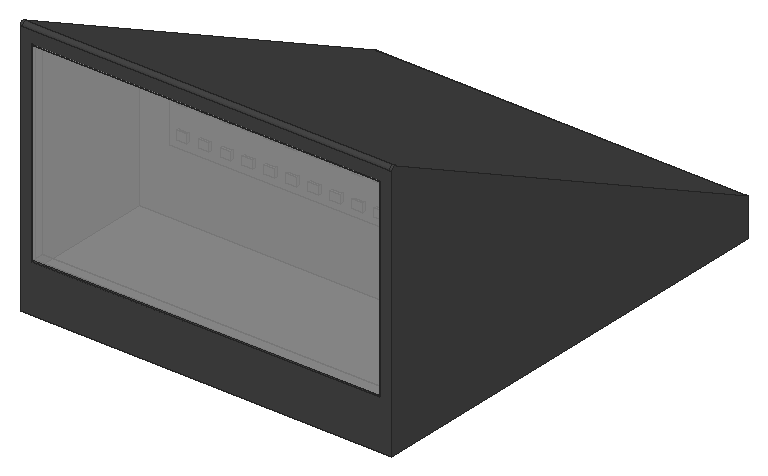
Revit family "AFX_Inc-Watson-Wall_Sconce", category Lighting Fixtures, host Face, Revit 2016
Family settings
  Host = Face
  Part Type = Normal
  Round Connector Dimension = Use Diameter
  Cut with Voids When Loaded = No
  Light Source = Yes
  Shared = No
  Room Calculation Point = No
Parameters (values of type "WTNW0506L30D2BK")
  Width = 5"
  Wattage Comments = "12W"
  Wattage = 9.2903 W
  built-in parameter 1150110 = 1 (stored number, unit not read)
  Voltage = 120 V
  URL = "www.afxinc.com"
  Type Comments = "Watson"  # constant formula
  built-in parameter 1114217 = 1 (stored number, unit not read)
  Tilt Angle = 90.00°
  built-in parameter 1150109 = 1 (stored number, unit not read)
  built-in parameter 1150134 = (empty or 0)
  built-in parameter 1150113 = 1 (stored number, unit not read)
  Support Finish = AFX - Metal Powder Coated Black
  Screen Finish = AFX - Diffuser Frosted
  Photometric Web File = "WTNW0506L30D2xx_IES.IES"
  Model = "WTNW0506L30D2BK"
  Manufacturer = "AFX Inc"  # constant formula
  built-in parameter 1150105 = 851.03 (stored number, unit not read)
  Lumens = 1380 lm
  built-in parameter 1150115 = 1 (stored number, unit not read)
  built-in parameter 1150137 = (empty or 0)
  built-in parameter 1150139 = (empty or 0)
  Length = 3.51434"
  built-in parameter 1150112 = 1 (stored number, unit not read)
  built-in parameter 1150114 = 1 (stored number, unit not read)
  Keynote = "12500"
  built-in parameter 1150132 = (empty or 0)
  built-in parameter 1150102 = (empty or 0)
  built-in parameter 1150107 = 3000 (stored number, unit not read)
  built-in parameter 1150138 = (empty or 0)
  built-in parameter 1150106 = 8.5103 (stored number, unit not read)
  Height = 5.98425"
  Emit from Rectangle Width = 2 19/32"
  Emit from Rectangle Length = 4 21/32"
  Emit Shape Visible in Rendering = no
  built-in parameter 1150104 = 13.8 (stored number, unit not read)
  Dimming Lamp Color Temperature Shift = <None>
  Description = "6'' LED Outdoor Wall Sconce Black"
  Default Elevation = 48"
  Color Filter = 16777215
  CRI = "90"
  Body Finish = AFX - Metal Powder Coated Black
  built-in parameter 1114218 = 1 (stored number, unit not read)
  built-in parameter 1150133 = 10 (stored number, unit not read)
  Assembly Code = "E1020300"
Types (3): name | Support Finish | Body Finish
  (no name) | AFX - Metal Powder Coated Black | AFX - Metal Powder Coated Black
  WTNW0506L30D2BK | AFX - Metal Powder Coated Black | AFX - Metal Powder Coated Black
  WTNW0506L30D2WH | AFX - Metal Powder Coated White | AFX - Metal Powder Coated White
Reference planes (in)
  plane 1 "Center (Front/Back)": y = 0
  plane 2: z = 0
  plane 3 "Center (Left/Right)": x = 0
  plane 4: y = 2.99213
  plane 5: y = -2.99213
  plane 6: x = -2.5
  plane 7: x = 2.5
  plane 8: x = -2.34252
  plane 9: x = 2.34252
  plane 10: z = 3.51434
Forms (in)
  Extrusion 1, solid, material "AFX - Metal Powder Coated Black" <- "Body Finish"
    sketch origin (0, 0, 0) x (0, 1, 0) y (0, 0, 1)
      loop
        line (2.99213, 0.03937) -> (2.99213, 0.52221)
        arc (2.99213, 0.52221) -> (2.98513, 0.54685) -> (2.96621, 0.56414) r 0.04688
        line (2.96621, 0.56414) -> (-2.92429, 3.50939)
        arc (-2.92429, 3.50939) -> (-2.96989, 3.50734) -> (-2.99213, 3.46746) r 0.04688
        line (-2.99213, 3.46746) -> (-2.99213, 0.03937) -> (-2.95276, 0.03937) -> (-2.95276, 3.4796) -> (2.95276, 0.52685) -> (2.95276, 0.03937) -> (2.99213, 0.03937)
    from -2.46875 to 2.46875
  Extrusion 2, solid, material "AFX - Metal Powder Coated Black" <- "Body Finish"
    sketch origin (-2.3282, 0, 0) x (0, 1, 0) y (0, 0, 1)
      loop
        line (2.96621, 0.56414) -> (-2.92429, 3.50939)
        arc (-2.92429, 3.50939) -> (-2.96989, 3.50734) -> (-2.99213, 3.46746) r 0.04688
        line (-2.99213, 3.46746) -> (-2.99213, 0.03937) -> (2.99213, 0.03937) -> (2.99213, 0.52221)
        arc (2.99213, 0.52221) -> (2.98513, 0.54685) -> (2.96621, 0.56414) r 0.04688
    from 4.79695 to 4.8282
  Extrusion 3, solid, material "AFX - Metal Powder Coated Black" <- "Body Finish"
    sketch origin (-7.29695, 0, 0) x (0, 1, 0) y (0, 0, 1)
      loop
        line (2.96621, 0.56414) -> (-2.92429, 3.50939)
        arc (-2.92429, 3.50939) -> (-2.96989, 3.50734) -> (-2.99213, 3.46746) r 0.04688
        line (-2.99213, 3.46746) -> (-2.99213, 0.03937) -> (2.99213, 0.03937) -> (2.99213, 0.52221)
        arc (2.99213, 0.52221) -> (2.98513, 0.54685) -> (2.96621, 0.56414) r 0.04688
    from 4.79695 to 4.8282
  Extrusion 4, void
    sketch origin (0, -0.06843, 0) x (1, 0, 0) y (0, 0, 1)
      loop
        line (-2.34252, 3.30709) -> (-2.34252, 0.68898) -> (2.34252, 0.68898) -> (2.34252, 3.30709) -> (-2.34252, 3.30709)
    from 2.7987 to 3.0487
  Extrusion 5, solid, material "AFX - Diffuser Frosted" <- "Screen Finish"
    sketch origin (0, 0, 0) x (1, 0, 0) y (0, 0, 1)
      loop
        line (2.32689, 0.7046) -> (2.32689, 3.29146) -> (-2.32689, 3.29146) -> (-2.32689, 0.7046) -> (2.32689, 0.7046)
    from 2.82677 to 2.99213
  Extrusion 6, solid, material "AFX - Metal Powder Coated Black" <- "Body Finish"
    sketch origin (0, 0, 0) x (0, 1, 0) y (0, 0, 1)
      loop
        line (2.67441, 0.35433) -> (2.65183, 0.38658) -> (2.21219, 0.07874) -> (-2.5878, 0.07874) -> (-2.72167, 0.44654) -> (-2.75866, 0.43307) -> (-2.61537, 0.03937) -> (2.2246, 0.03937) -> (2.67441, 0.35433)
    from -2.3622 to 2.3622
  Extrusion 7, solid, material "AFX - Metal Powder Coated Black" <- "Support Finish"
    sketch origin (0, 0, 0) x (0, 1, 0) y (0, 0, 1)
      loop
        line (-1.06299, 2.51969) -> (-1.10236, 2.51969) -> (-1.10236, 0.51181) -> (-2.83465, 0.51181) -> (-2.83465, 0.47244) -> (-1.06299, 0.47244) -> (-1.06299, 2.51969)
    from -2.40157 to 2.40157
  Extrusion 8, solid, material "AFX - Metal Powder Coated Black" <- "Body Finish"
    sketch origin (0, 0, 0) x (0, 1, 0) y (0, 0, 1)
      loop
        line (2.87402, 0.19685) -> (2.4495, 0.19685) -> (2.39328, 0.15748) -> (2.87402, 0.15748) -> (2.87402, 0.19685)
    from -1.5748 to 1.5748
  Extrusion 9, solid, material "AFX - Metal Powder Coated Black" <- "Support Finish"
    sketch origin (0, 0, 0) x (0, 1, 0) y (0, 0, 1)
      loop
        line (-0.1378, 1.81102) -> (-1.06299, 1.81102) -> (-1.06299, 0.59055) -> (-0.1378, 0.59055) -> (-0.1378, 1.81102)
    from -1.77165 to 1.77165
  Extrusion 10, solid, material "AFX - Metal Powder Coated Black" <- "Support Finish"
    sketch origin (0, 0, 0) x (0, 1, 0) y (0, 0, 1)
      loop
        line (-1.10236, 2.20472) -> (-1.14173, 2.20472) -> (-1.14173, 1.41732) -> (-1.10236, 1.41732) -> (-1.10236, 2.20472)
    from -1.9685 to 1.9685
  Extrusion 11, solid, material "AFX - Metal Powder Coated Black" <- "Support Finish"
    sketch origin (0, 0, 0) x (1, 0, 0) y (0, 0, 1)
      loop
        line (-1.85039, 2.07874) -> (-1.85039, 1.9685) -> (-1.7126, 1.9685) -> (-1.7126, 2.07874) -> (-1.85039, 2.07874)
      loop
        line (-1.85039, 1.64567) -> (-1.85039, 1.53543) -> (-1.7126, 1.53543) -> (-1.7126, 1.64567) -> (-1.85039, 1.64567)
      loop
        line (-1.55512, 2.07874) -> (-1.55512, 1.9685) -> (-1.41732, 1.9685) -> (-1.41732, 2.07874) -> (-1.55512, 2.07874)
      loop
        line (-1.55512, 1.64567) -> (-1.55512, 1.53543) -> (-1.41732, 1.53543) -> (-1.41732, 1.64567) -> (-1.55512, 1.64567)
      loop
        line (-1.25984, 2.07874) -> (-1.25984, 1.9685) -> (-1.12205, 1.9685) -> (-1.12205, 2.07874) -> (-1.25984, 2.07874)
      loop
        line (-1.25984, 1.64567) -> (-1.25984, 1.53543) -> (-1.12205, 1.53543) -> (-1.12205, 1.64567) -> (-1.25984, 1.64567)
      loop
        line (-0.96457, 2.07874) -> (-0.96457, 1.9685) -> (-0.82677, 1.9685) -> (-0.82677, 2.07874) -> (-0.96457, 2.07874)
      loop
        line (-0.96457, 1.64567) -> (-0.96457, 1.53543) -> (-0.82677, 1.53543) -> (-0.82677, 1.64567) -> (-0.96457, 1.64567)
      loop
        line (0.80709, 2.07874) -> (0.80709, 1.9685) -> (0.94488, 1.9685) -> (0.94488, 2.07874) -> (0.80709, 2.07874)
      loop
        line (0.80709, 1.64567) -> (0.80709, 1.53543) -> (0.94488, 1.53543) -> (0.94488, 1.64567) -> (0.80709, 1.64567)
      loop
        line (1.10236, 2.07874) -> (1.10236, 1.9685) -> (1.24016, 1.9685) -> (1.24016, 2.07874) -> (1.10236, 2.07874)
      loop
        line (1.10236, 1.64567) -> (1.10236, 1.53543) -> (1.24016, 1.53543) -> (1.24016, 1.64567) -> (1.10236, 1.64567)
      loop
        line (1.39764, 2.07874) -> (1.39764, 1.9685) -> (1.53543, 1.9685) -> (1.53543, 2.07874) -> (1.39764, 2.07874)
      loop
        line (1.39764, 1.64567) -> (1.39764, 1.53543) -> (1.53543, 1.53543) -> (1.53543, 1.64567) -> (1.39764, 1.64567)
      loop
        line (1.69291, 2.07874) -> (1.69291, 1.9685) -> (1.83071, 1.9685) -> (1.83071, 2.07874) -> (1.69291, 2.07874)
      loop
        line (1.69291, 1.64567) -> (1.69291, 1.53543) -> (1.83071, 1.53543) -> (1.83071, 1.64567) -> (1.69291, 1.64567)
      loop
        line (-0.37402, 2.07874) -> (-0.37402, 1.9685) -> (-0.23622, 1.9685) -> (-0.23622, 2.07874) -> (-0.37402, 2.07874)
      loop
        line (-0.37402, 1.64567) -> (-0.37402, 1.53543) -> (-0.23622, 1.53543) -> (-0.23622, 1.64567) -> (-0.37402, 1.64567)
      loop
        line (-0.07874, 2.07874) -> (-0.07874, 1.9685) -> (0.05906, 1.9685) -> (0.05906, 2.07874) -> (-0.07874, 2.07874)
      loop
        line (-0.07874, 1.64567) -> (-0.07874, 1.53543) -> (0.05906, 1.53543) -> (0.05906, 1.64567) -> (-0.07874, 1.64567)
      loop
        line (0.21654, 2.07874) -> (0.21654, 1.9685) -> (0.35433, 1.9685) -> (0.35433, 2.07874) -> (0.21654, 2.07874)
      loop
        line (0.21654, 1.64567) -> (0.21654, 1.53543) -> (0.35433, 1.53543) -> (0.35433, 1.64567) -> (0.21654, 1.64567)
      loop
        line (0.51181, 2.07874) -> (0.51181, 1.9685) -> (0.64961, 1.9685) -> (0.64961, 2.07874) -> (0.51181, 2.07874)
      loop
        line (0.51181, 1.64567) -> (0.51181, 1.53543) -> (0.64961, 1.53543) -> (0.64961, 1.64567) -> (0.51181, 1.64567)
      loop
        line (-0.66929, 2.07874) -> (-0.66929, 1.9685) -> (-0.5315, 1.9685) -> (-0.5315, 2.07874) -> (-0.66929, 2.07874)
      loop
        line (-0.66929, 1.64567) -> (-0.66929, 1.53543) -> (-0.5315, 1.53543) -> (-0.5315, 1.64567) -> (-0.66929, 1.64567)
    from 1.14173 to 1.1811
  Extrusion 12, solid, material "AFX - Metal Powder Coated Black" <- "Support Finish"
    sketch origin (0, 0, 0) x (1, 0, 0) y (0, 1, 0)
      loop
        circle (0, 0) r 0.25
    from 0 to 0.03937
Cuts and joins
  Extrusion 4 cuts Extrusion 1
  Extrusion 4 cuts Extrusion 2
  Extrusion 4 cuts Extrusion 3
  joined: Extrusion 1, Extrusion 2, Extrusion 3
Lines and regions (in)
  symbolic lines
    curve 1: line (2.5, 0, 3.51434) -> (-2.5, 0, 3.51434)
    curve 2: line (2.5, 0, 0.03937) -> (2.5, 0, 3.51434)
    curve 3: line (-2.5, 0, 0.03937) -> (2.5, 0, 0.03937)
    curve 4: line (-2.5, 0, 3.51434) -> (-2.5, 0, 0.03937)
Dimensions and locks (in)
  "Height": plane 4 to plane 5
  "Width": plane 6 to plane 7
  equal spacing: plane 6, plane 3 "Center (Left/Right)", plane 7
  locked: plane 6 to plane 8 at 0.15748
  locked: plane 9 to plane 7 at 0.15748
  "Length": plane 10 to plane 2
  aligned and locked: plane 2 to host face
  aligned and locked: level to host face
  aligned and locked: Extrusion 5 to plane 5
  aligned and locked: plane 3 "Center (Left/Right)" to Extrusion 12 sketch curve
  aligned and locked: plane 1 "Center (Front/Back)" to Extrusion 12 sketch curve
  aligned and locked: Extrusion 12 to plane 2
  aligned and locked: Extrusion 12 to cut or joined group of Extrusion 1, Extrusion 2, Extrusion 3, Extrusion 4
Automatic sketch dimensions
  host sketch curve to host sketch curve = 19.5058"
  host sketch curve to host sketch curve = 16.0374"
  Extrusion 1 sketch curve to plane 5 = 0"
  Extrusion 1 sketch curve to plane 4 = 0"
  plane 5 to Extrusion 1 sketch curve = 0.03937"
  Extrusion 1 sketch curve to Extrusion 1 sketch curve = 0.0075"  (x2)
  Extrusion 1 sketch curve to plane 10 = 0.00495"
  Extrusion 1 sketch curve to Extrusion 1 sketch curve = 0.02847"
  Extrusion 1 sketch curve to plane 4 = 3/64"
  Extrusion 1 sketch curve to plane 4 = 0.02591"
  level to Extrusion 1 sketch curve = 0.56414"
  Extrusion 1 sketch curve to Extrusion 1 sketch curve = 0.00464"
  level to Extrusion 1 sketch curve = 0.03937"  (x2)
  Extrusion 1 sketch curve to Extrusion 1 sketch curve = 0.01214"
  Extrusion 2 sketch curve to plane 5 = 0"
  Extrusion 2 sketch curve to plane 4 = 0"
  Extrusion 2 sketch curve to Extrusion 2 sketch curve = 3/64"
  Extrusion 2 sketch curve to plane 10 = 0.00495"
  Extrusion 2 sketch curve to Extrusion 2 sketch curve = 0.02096"
  Extrusion 2 sketch curve to plane 4 = 3/64"
  Extrusion 2 sketch curve to plane 4 = 0.02591"
  level to Extrusion 2 sketch curve = 0.56414"
  level to Extrusion 2 sketch curve = 0.03937"
  Extrusion 3 sketch curve to plane 5 = 0"
  Extrusion 3 sketch curve to plane 4 = 0"
  Extrusion 3 sketch curve to Extrusion 3 sketch curve = 3/64"
  Extrusion 3 sketch curve to plane 10 = 0.00495"
  Extrusion 3 sketch curve to Extrusion 3 sketch curve = 0.02096"
  Extrusion 3 sketch curve to plane 4 = 3/64"
  Extrusion 3 sketch curve to plane 4 = 0.02591"
  level to Extrusion 3 sketch curve = 0.56414"
  level to Extrusion 3 sketch curve = 0.03937"
  plane 8 to Extrusion 4 sketch curve = 0"
  Extrusion 4 sketch curve to plane 9 = 0"
  level to Extrusion 4 sketch curve = 0.68898"
  Extrusion 4 sketch curve to plane 10 = 0.20725"
  Extrusion 5 sketch curve to plane 8 = 1/64"
  Extrusion 5 sketch curve to plane 9 = 1/64"
  level to Extrusion 5 sketch curve = 0.7046"
  Extrusion 5 sketch curve to plane 10 = 0.22288"
  plane 5 to Extrusion 6 sketch curve = 0.23346"
  Extrusion 6 sketch curve to Extrusion 6 sketch curve = 0.037"
  level to Extrusion 6 sketch curve = 0.03937"
  plane 5 to Extrusion 6 sketch curve = 0.37676"
  level to Extrusion 6 sketch curve = 0.07874"
  Extrusion 6 sketch curve to Extrusion 6 sketch curve = 0.02757"
  Extrusion 6 sketch curve to plane 4 = 0.77994"
  Extrusion 6 sketch curve to Extrusion 6 sketch curve = 0.01241"
  Extrusion 6 sketch curve to plane 4 = 0.3403"
  Extrusion 6 sketch curve to Extrusion 6 sketch curve = 0.02258"
  plane 5 to Extrusion 7 sketch curve = 0.15748"
  plane 1 "Center (Front/Back)" to Extrusion 7 sketch curve = 1.10236"
  Extrusion 7 sketch curve to Extrusion 7 sketch curve = 0.03937"  (x2)
  level to Extrusion 7 sketch curve = 0.47244"
  Extrusion 7 sketch curve to plane 10 = 0.99465"
  level to Extrusion 8 sketch curve = 0.15748"
  Extrusion 8 sketch curve to plane 4 = 0.59885"
  level to Extrusion 8 sketch curve = 0.19685"
  Extrusion 8 sketch curve to Extrusion 8 sketch curve = 0.05623"
  Extrusion 8 sketch curve to plane 4 = 0.11811"
  plane 1 "Center (Front/Back)" to Extrusion 9 sketch curve = 1.06299"
  plane 1 "Center (Front/Back)" to Extrusion 9 sketch curve = 0.1378"
  level to Extrusion 9 sketch curve = 0.59055"
  Extrusion 9 sketch curve to Extrusion 9 sketch curve = 1.22047"
  plane 1 "Center (Front/Back)" to Extrusion 10 sketch curve = 1.14173"
  Extrusion 10 sketch curve to Extrusion 10 sketch curve = 0.03937"
  level to Extrusion 10 sketch curve = 1.41732"
  Extrusion 10 sketch curve to Extrusion 10 sketch curve = 0.7874"
  Extrusion 11 sketch curve to plane 8 = 0.49213"
  Extrusion 11 sketch curve to Extrusion 11 sketch curve = 0"  (x21)
  Extrusion 11 sketch curve to Extrusion 11 sketch curve = 0.1378"  (x24)
  Extrusion 11 sketch curve to Extrusion 11 sketch curve = 0.15748"  (x22)
  Extrusion 11 sketch curve to plane 3 "Center (Left/Right)" = 0.07874"  (x2)
  plane 3 "Center (Left/Right)" to Extrusion 11 sketch curve = 0.05906"  (x2)
  level to Extrusion 11 sketch curve = 1.53543"  (x2)
  Extrusion 11 sketch curve to Extrusion 11 sketch curve = 0.11024"  (x26)
  Extrusion 11 sketch curve to Extrusion 11 sketch curve = 0.32283"  (x4)
  curve 1 to plane 6 = 0"
  plane 7 to curve 3 = 0"
  curve 2 to plane 10 = 0"
  level to curve 4 = 0.03937"
  radius of Extrusion 12 sketch curve = 1/4"
Connectors (in)
  electrical at (0, 0, 0), driven by "Voltage"
    settings: on Extrusion 12, index 1, voltage 120 V, apparent load 0 VA, apparent load phase1 0 VA, apparent load phase2 0 VA, apparent load phase3 0 VA, power factor 1, load classification "Other", number of poles 1, system type 31, power factor state 1, is connector primary yes, connector utility no, sub classification motor no, connector description ""
